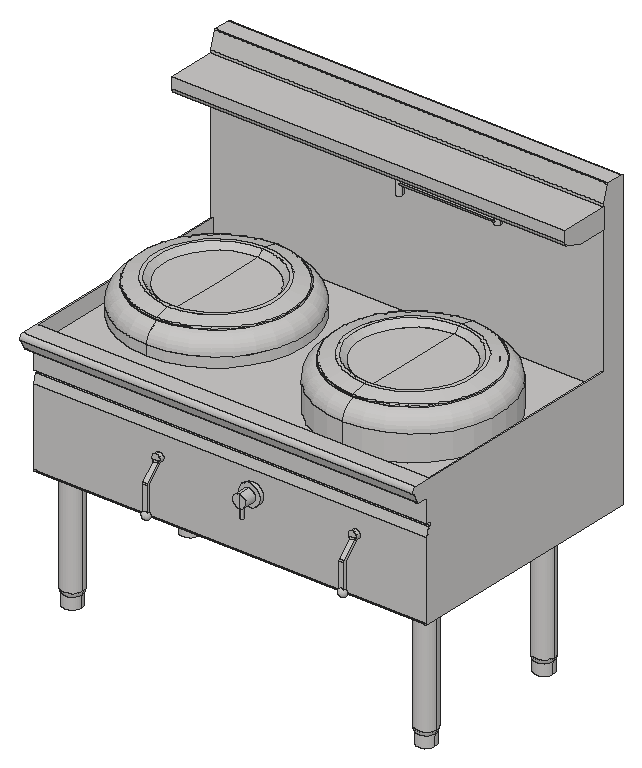
Revit family "QF_COBRA MOFFAT_CW2H", category Specialty Equipment, Revit 2016
Family settings
  Part Type = Normal
  Round Connector Dimension = Use Diameter
  Work Plane-Based = No
  Always vertical = Yes
  Cut with Voids When Loaded = No
  Shared = No
  Room Calculation Point = No
Parameters
  Weight in Kilograms = 135
  Waste Water Discharge Temperature = 0 °F
  URL Cutsheet = ""
  Specification by User = ""
  Specification by Manufacturer = ""
  Serial Number = ""
  Seismic Rating = ""
  SMACNA No = ""
  Revision Code = ""
  Plumbing Remarks = ""
  Plumbing Connection Type = ""
  NAFEM Spec ID Number = ""
  Model = "CW2H"
  Masterspec = ""
  Manufacturer = "COBRA MOFFAT"
  Length = 1200 mm
  Item Number = ""
  Installed By = ""
  Indirect Waste Size = 1 1/4"
  Indirect Waste Flow = 0 GPM
  Indirect Waste Connection Type = ""
  Indirect Waste Connection Height = 0 mm
  Identify Quantity as Lot = yes
  Height = 1280 mm
  Gas Size = 3/4"
  Gas RI Height = 0 mm
  Gas KW = 0
  Gas Input = 161129.0 Btu/h
  Gas Connection Height = 0 mm
  Furnished By = ""
  Foodservice Equipment Identifier = yes
  Description = "2 HOLE GAS WATERLESS WOKS"
  Depth = 800 mm
  Cold Water Temperature Recommended = 0 °F
  Cold Water Size = 1 1/2"
  Cold Water RI Height = 0 mm
  Cold Water Minimum Pressure = 0.00 psi
  Cold Water Maximum Pressure = 0.00 psi
  Cold Water Flow = 0 GPM
  Cold Water Consumption = ""
  Cold Water Connection Height = 0 mm
  CSI MasterFormat = ""
Reference planes
  plane 1 "BACK": y = 0
  plane 2: z = 0
  plane 3 "LEFT": x = 0
  plane 4 "RIGHT": x = 1200
  plane 5 "FRONT": y = -800
  plane 6 "TOP": z = 1280
  plane 7 "Center Y": x = 600
  plane 8 "Center X": y = -400
  plane 9: x = 60
  plane 10: x = 1140
  plane 11: y = -225
  plane 12: y = -675
  plane 13: z = 375
Forms (mm)
  Revolve 1, solid, material "QF_Metal - Stainless - Polished"
    sketch origin (0, -225, 0) x (0, 0, -1) y (1, 0, 0)
      loop
        line (0, 60) -> (-375, 60) -> (-375, 28.123) -> (-46.31, 28.123)
        arc (-46.31, 28.123) -> (-40.43, 29.336) -> (-35, 31.896) r 25.376
        line (-35, 31.896) -> (0, 31.896) -> (0, 60)
      axis (0, 60) -> (-375, 60)
    angle from 0 to 360
  Revolve 2, solid, material "QF_Metal - Stainless - Polished"
    sketch origin (0, -675, 0) x (0, 0, -1) y (1, 0, 0)
      loop
        line (0, 60) -> (-375, 60) -> (-375, 28.123) -> (-46.31, 28.123)
        arc (-46.31, 28.123) -> (-40.43, 29.336) -> (-35, 31.896) r 25.376
        line (-35, 31.896) -> (0, 31.896) -> (0, 60)
      axis (0, 60) -> (-375, 60)
    angle from 0 to 360
  Extrusion 3, solid, material "QF_Metal - Stainless - Polished"
    sketch origin (0, 0, 0) x (0, 1, 0) y (0, 0, 1)
      loop
        line (0, 375) -> (0, 1278.452)
        arc (0, 1278.452) -> (-0.746, 1279.569) -> (-2.017, 1280) r 2.088
        line (-2.017, 1280) -> (-55, 1280)
        arc (-55, 1280) -> (-56.271, 1279.569) -> (-57.017, 1278.452) r 2.088
        line (-57.017, 1278.452) -> (-70, 1230) -> (-70, 770.7) -> (-788.3, 770.7)
        arc (-788.3, 770.7) -> (-798.432, 764.85) -> (-798.432, 753.15) r 11.7
        line (-798.432, 753.15) -> (-780.947, 722.864)
        arc (-780.947, 722.864) -> (-780.095, 722.012) -> (-778.931, 721.7) r 2.328
        line (-778.931, 721.7) -> (-750.056, 721.7)
        arc (-750.056, 721.7) -> (-748.602, 721.098) -> (-748, 719.644) r 2.056
        line (-748, 719.644) -> (-748, 652.6) -> (-731.4, 652.6) -> (-731.4, 639.6) -> (-740.9, 639.6) -> (-748, 613.102) -> (-748, 376.928)
        arc (-748, 376.928) -> (-747.435, 375.565) -> (-746.072, 375) r 1.928
        line (-746.072, 375) -> (0, 375)
    from 0 to 1200
  Extrusion 4, void
    sketch origin (600, -70, 770.7) x (-1, 0, 0) y (0, -1, 0)
      loop
        line (595, 665) -> (-595, 665) -> (-595, 0) -> (595, 0) -> (595, 665)
    from 0 to -49
  Revolve 5, solid, material "QF_Metal - Stainless - Polished"
    sketch origin (300, 175.397, 1219.2) x (0, 1, 0) y (0, 0, 1)
      loop
        line (-867.435, -419.167) -> (-867.435, -497.5) -> (-600.532, -497.5) -> (-600.532, -365.842) -> (-759.24, -365.842) -> (-775.589, -349.492) -> (-785.589, -349.492) -> (-828.806, -360.506)
        arc (-828.806, -360.506) -> (-829.912, -361.23) -> (-830.34, -362.481) r 2.038
        line (-830.34, -362.481) -> (-830.34, -365.842) -> (-808.934, -365.842) -> (-808.934, -369.669) -> (-817.938, -369.669)
        arc (-817.938, -369.669) -> (-852.938, -384.167) -> (-867.435, -419.167) r 49.497
      axis (-600.532, -349.492) -> (-600.532, -497.5)
    angle from 0 to 360
  Extrusion 6, solid, material "QF_Metal - Stainless - Polished"
    sketch origin (0, -748, 390) x (0, 0, -1) y (1, 0, 0)
      loop
        circle (-158.884, 984.021) r 12.661
    from 0 to 12
  Extrusion 7, solid, material "QF_Metal - Stainless - Polished"
    sketch origin (0, 2480.95, 375) x (-1, 0, 0) y (0, 1, 0)
      loop
        circle (-203, -2587.95) r 35.799
      loop
        line (-1153.779, -2986.85) -> (-1132.35, -3022.564) -> (-1110.921, -2986.85) -> (-1132.35, -2951.136) -> (-1153.779, -2986.85)
      loop
        circle (-705.75, -2955.95) r 35.799
      loop
        line (-553.929, -2986.8) -> (-532.5, -3022.514) -> (-511.071, -2986.8) -> (-532.5, -2951.086) -> (-553.929, -2986.8)
    from 0 to 3.2
  Extrusion 8, solid, material "QF_Metal - Stainless - Polished"
    sketch origin (0, 0, 0) x (0, 1, 0) y (0, 0, 1)
      loop
        line (-70, 1158.25) -> (-70, 1221) -> (-220, 1221) -> (-220, 1188.002)
        arc (-220, 1188.002) -> (-218.192, 1182.266) -> (-213.42, 1178.605) r 10
        line (-213.42, 1178.605) -> (-157.5, 1158.25) -> (-70, 1158.25)
    from 0 to 1200
  Revolve 9, solid, material "QF_Metal - Stainless - Polished"
    sketch origin (1200, -225, 0) x (0, 0, -1) y (1, 0, 0)
      loop
        line (0, -60) -> (0, -31.896) -> (-35, -31.896)
        arc (-35, -31.896) -> (-40.43, -29.336) -> (-46.31, -28.123) r 25.376
        line (-46.31, -28.123) -> (-375, -28.123) -> (-375, -60) -> (0, -60)
      axis (0, -60) -> (-375, -60)
    angle from 0 to 360
  Revolve 10, solid, material "QF_Metal - Stainless - Polished"
    sketch origin (1200, -675, 0) x (0, 0, -1) y (1, 0, 0)
      loop
        line (0, -60) -> (0, -31.896) -> (-35, -31.896)
        arc (-35, -31.896) -> (-40.43, -29.336) -> (-46.31, -28.123) r 25.376
        line (-46.31, -28.123) -> (-375, -28.123) -> (-375, -60) -> (0, -60)
      axis (0, -60) -> (-375, -60)
    angle from 0 to 360
  Extrusion 11, solid, material "QF_Metal - Stainless - Polished"
    sketch origin (550, -748, 390) x (0, 0, -1) y (1, 0, 0)
      loop
        circle (-158.889, 118.159) r 32.893
    from 0 to 10
  Revolve 12, solid, material "QF_Metal - Stainless - Polished"
    sketch origin (668.159, -4572, 581.782) x (0, 0, -1) y (0, -1, 0)
      loop
        line (32.782, -3774) -> (13.094, -3774) -> (13.094, -3809) -> (17.469, -3809) -> (17.469, -3814) -> (32.782, -3814) -> (32.782, -3774)
      axis (32.782, -3814) -> (32.782, -3774)
    angle from 0 to 360
  Extrusion 13, solid, material "QF_Metal - Stainless - Polished"
    sketch origin (850, -4572, 375) x (0, -1, 0) y (-1, 0, 0)
      loop
        circle (-3784.012, 181.994) r 5
    from -124 to -159
  Extrusion 14, solid, material "QF_Metal - Stainless - Polished"
    sketch origin (900, 175.397, 1219.2) x (0, 1, 0) y (0, 0, 1)
      loop
        line (-972.093, -722.931) -> (-934.362, -685.2) -> (-930.56, -682.723) -> (-930.56, -674.327) -> (-935.397, -674.327) -> (-936.433, -680.2) -> (-975.921, -719.688)
        arc (-975.921, -719.688) -> (-977.384, -721.877) -> (-977.897, -724.46) r 6.749
        line (-977.897, -724.46) -> (-977.897, -797.392) -> (-972.897, -797.392) -> (-972.897, -724.873)
        arc (-972.897, -724.873) -> (-972.688, -723.822) -> (-972.093, -722.931) r 2.746
    from 76.574 to 91.449
  Revolve 15, solid, material "QF_Metal - Stainless - Polished"
    sketch origin (984.062, 0, 0) x (0, 1, 0) y (0, 0, 1)
      loop
        line (-797.5, 399) -> (-797.5, 424)
        arc (-797.5, 424) -> (-810, 411.5) -> (-797.5, 399) r 12.5
      axis (-797.5, 424) -> (-797.5, 399)
    angle from -90 to 90
  Extrusion 16, solid, material "QF_Metal - Stainless - Polished"
    sketch origin (-600, -748, 390) x (0, 0, -1) y (1, 0, 0)
      loop
        circle (-158.884, 984.021) r 12.661
    from 0 to 12
  Extrusion 17, solid, material "QF_Metal - Stainless - Polished"
    sketch origin (300, 175.397, 1219.2) x (0, 1, 0) y (0, 0, 1)
      loop
        line (-972.093, -722.931) -> (-934.362, -685.2) -> (-930.56, -682.723) -> (-930.56, -674.327) -> (-935.397, -674.327) -> (-936.433, -680.2) -> (-975.921, -719.688)
        arc (-975.921, -719.688) -> (-977.384, -721.877) -> (-977.897, -724.46) r 6.749
        line (-977.897, -724.46) -> (-977.897, -797.392) -> (-972.897, -797.392) -> (-972.897, -724.873)
        arc (-972.897, -724.873) -> (-972.688, -723.822) -> (-972.093, -722.931) r 2.746
    from 76.574 to 91.449
  Revolve 18, solid, material "QF_Metal - Stainless - Polished"
    sketch origin (384.062, 0, 0) x (0, 1, 0) y (0, 0, 1)
      loop
        line (-797.5, 399) -> (-797.5, 424)
        arc (-797.5, 424) -> (-810, 411.5) -> (-797.5, 399) r 12.5
      axis (-797.5, 424) -> (-797.5, 399)
    angle from -90 to 90
  Revolve 19, solid, material "QF_Metal - Stainless - Polished"
    sketch origin (900, 175.397, 1219.2) x (0, 1, 0) y (0, 0, -1)
      loop
        arc (-867.435, 419.167) -> (-852.938, 384.167) -> (-817.938, 369.669) r 49.497
        line (-817.938, 369.669) -> (-808.934, 369.669) -> (-808.934, 365.842) -> (-830.34, 365.842) -> (-830.34, 362.481)
        arc (-830.34, 362.481) -> (-829.912, 361.23) -> (-828.806, 360.506) r 2.038
        line (-828.806, 360.506) -> (-785.589, 349.492) -> (-775.589, 349.492) -> (-759.24, 365.842) -> (-600.532, 365.842) -> (-600.532, 497.5) -> (-867.435, 497.5) -> (-867.435, 419.167)
      axis (-600.532, 349.492) -> (-600.532, 497.5)
    angle from 0 to 360
  Extrusion 20, solid, material "QF_Metal - Stainless - Polished"
    sketch origin (550.072, -157.5, 1158.25) x (1, 0, 0) y (0, -1, 0)
      loop
        circle (349.928, -56.053) r 9.571
    from 18.25 to 72.75
  Extrusion 21, solid, material "QF_Metal - Stainless - Polished"
    sketch origin (550.072, -157.5, 1158.25) x (1, 0, 0) y (0, -1, 0)
      loop
        circle (49.903, -55.75) r 9.571
    from 53.75 to 98.25
  Extrusion 22, solid, material "QF_Metal - Stainless - Polished"
    sketch origin (550.072, 0, 0) x (0, 1, 0) y (0, 0, 1)
      loop
        circle (-101.55, 1131.5) r 8
    from 80 to 347.733
  Extrusion 23, solid, material "QF_Metal - Stainless - Polished"
    sketch origin (550.072, 0, 0) x (0, 1, 0) y (0, 0, 1)
      loop
        circle (-101.55, 1094.94) r 8
    from 52.613 to 347.733
  Sweep 24, solid, material "QF_Metal - Stainless - Polished"
    path origin (550.072, 0, 5) x (1, 0, 0) y (0, 0, 1)
      loop
        arc (80, 1131.5) -> (60.945, 1126.63) -> (48.38, 1111.5) r 31.863
    profile origin (611.017, 0, 1131.63) x (0.534556, 0, -0.845133) y (0, -1, 0)
      loop
        spline (6.07, 109.55) -> (4.32, 109.277) -> (2.689, 108.478) -> (1.289, 107.207) -> (0.215, 105.55) -> (-0.461, 103.621) -> (-0.691, 101.55) -> (-0.461, 99.479) -> (0.215, 97.55) -> (1.289, 95.893) -> (2.689, 94.622) -> (4.32, 93.823) -> (6.07, 93.55)
        spline (6.07, 93.55) -> (7.82, 93.823) -> (9.45, 94.622) -> (10.851, 95.893) -> (11.925, 97.55) -> (12.6, 99.479) -> (12.831, 101.55) -> (12.6, 103.621) -> (11.925, 105.55) -> (10.851, 107.207) -> (9.45, 108.478) -> (7.82, 109.277) -> (6.07, 109.55)
Cuts and joins
  Extrusion 4 cuts Extrusion 3
  Extrusion 4 cuts Revolve 5
Lines and regions (mm)
  symbolic lines
    curve 1: line (0, 0, 0) -> (1200, 0, 0)
    curve 2: line (0, -800, 0) -> (0, 0, 0)
    curve 3: line (1200, -800, 0) -> (0, -800, 0)
    curve 4: line (0, -70, 0) -> (1200, -70, 0)
    curve 5: line (0, -220, 0) -> (1200, -220, 0)
    curve 6: line (5, -735, 0) -> (1200, -735, 0)
    curve 7: line (5, -220, 0) -> (5, -735, 0)
    curve 8: arc (300, -266.428, 0) -> (141.293, -425.135, 0) -> (300, -583.842, 0) r 158.707
    curve 9: arc (300, -583.842, 0) -> (458.707, -425.135, 0) -> (300, -266.428, 0) r 158.707
    curve 10: arc (300, -610.191, 0) -> (485.056, -425.135, 0) -> (300, -240.078, 0) r 185.056
    curve 11: arc (300, -240.078, 0) -> (114.944, -425.135, 0) -> (300, -610.191, 0) r 185.056
    curve 12: arc (300, -654.943, 0) -> (76.445, -478.38, 0) -> (196.408, -220, 0) r 229.808
    curve 13: arc (403.592, -220, 0) -> (523.555, -478.38, 0) -> (300, -654.943, 0) r 229.808
    curve 14: arc (470.753, -220, 0) -> (550.986, -515.926, 0) -> (300, -692.038, 0) r 266.903
    curve 15: arc (300, -692.038, 0) -> (49.014, -515.926, 0) -> (129.247, -220, 0) r 266.903
    curve 16: line (1200, -800, 0) -> (1200, 0, 0)
    curve 17: line (1195, -220, 0) -> (1195, -735, 0)
    curve 18: arc (900, -266.428, 0) -> (1058.707, -425.135, 0) -> (900, -583.842, 0) r 158.707
    curve 19: arc (900, -583.842, 0) -> (741.293, -425.135, 0) -> (900, -266.428, 0) r 158.707
    curve 20: arc (900, -610.191, 0) -> (714.944, -425.135, 0) -> (900, -240.078, 0) r 185.056
    curve 21: arc (900, -240.078, 0) -> (1085.056, -425.135, 0) -> (900, -610.191, 0) r 185.056
    curve 22: arc (900, -654.943, 0) -> (1123.555, -478.38, 0) -> (1003.592, -220, 0) r 229.808
    curve 23: arc (796.408, -220, 0) -> (676.445, -478.38, 0) -> (900, -654.943, 0) r 229.808
    curve 24: arc (729.247, -220, 0) -> (649.014, -515.926, 0) -> (900, -692.038, 0) r 266.903
    curve 25: arc (900, -692.038, 0) -> (1150.986, -515.926, 0) -> (1070.753, -220, 0) r 266.903
Dimensions and locks
  equal spacing: plane 3 "LEFT", plane 7 "Center Y", plane 4 "RIGHT"
  "Length": plane 3 "LEFT" to plane 4 "RIGHT"
  equal spacing: plane 5 "FRONT", plane 8 "Center X", plane 1 "BACK"
  "Depth": plane 5 "FRONT" to plane 1 "BACK"
  "Height": plane 6 "TOP" to level
  plane 4 "RIGHT" to plane 3 "LEFT" = 1200 mm
  plane 6 "TOP" to plane 2 = 1280 mm
  locked: plane 10 to plane 4 "RIGHT" at 60
  aligned and locked: level to plane 2
Automatic sketch dimensions
  Revolve 1 sketch curve to plane 9 = 0 mm  (x2)
  Revolve 1 sketch curve to plane 13 = 0 mm
  Revolve 1 sketch curve to level = 0 mm
  Revolve 1 sketch curve to plane 9 = 6.593 mm
  level to Revolve 1 sketch curve = 48.461 mm
  Revolve 1 sketch curve to Revolve 1 sketch curve = 2.152 mm
  Revolve 1 sketch curve to Revolve 1 sketch curve = 11.31 mm
  Revolve 1 sketch curve to Revolve 1 sketch curve = 21.511 mm
  Revolve 1 sketch curve to plane 13 = 55 mm
  Revolve 1 sketch curve to Revolve 1 sketch curve = 25 mm
  Revolve 2 sketch curve to plane 9 = 0 mm  (x2)
  Revolve 2 sketch curve to plane 13 = 0 mm
  Revolve 2 sketch curve to level = 0 mm
  Revolve 2 sketch curve to plane 9 = 6.593 mm
  level to Revolve 2 sketch curve = 48.461 mm
  Revolve 2 sketch curve to Revolve 2 sketch curve = 2.152 mm
  Revolve 2 sketch curve to Revolve 2 sketch curve = 11.31 mm
  Revolve 2 sketch curve to Revolve 2 sketch curve = 21.511 mm
  Revolve 2 sketch curve to Revolve 2 sketch curve = 55 mm
  Revolve 2 sketch curve to Revolve 2 sketch curve = 25 mm
  plane 13 to Extrusion 3 sketch curve = 0 mm
  Extrusion 3 sketch curve to plane 6 "TOP" = 0 mm
  Extrusion 3 sketch curve to plane 1 "BACK" = 0 mm
  plane 1 "BACK" to Extrusion 3 sketch curve = 2.017 mm
  Extrusion 3 sketch curve to Extrusion 3 sketch curve = 52.983 mm
  Extrusion 3 sketch curve to plane 6 "TOP" = 1.548 mm
  Extrusion 3 sketch curve to Extrusion 3 sketch curve = 2.017 mm
  plane 1 "BACK" to Extrusion 3 sketch curve = 70 mm
  Extrusion 3 sketch curve to plane 12 = 56.4 mm
  Extrusion 3 sketch curve to Extrusion 3 sketch curve = 9.5 mm
  Extrusion 3 sketch curve to plane 13 = 1.928 mm
  Extrusion 3 sketch curve to plane 5 "FRONT" = 53.928 mm
  Extrusion 3 sketch curve to Extrusion 3 sketch curve = 7.1 mm
  Extrusion 3 sketch curve to Extrusion 3 sketch curve = 2.056 mm
  Extrusion 3 sketch curve to plane 5 "FRONT" = 21.069 mm
  Extrusion 3 sketch curve to Extrusion 3 sketch curve = 2.016 mm
  Extrusion 3 sketch curve to plane 5 "FRONT" = 11.7 mm
  Extrusion 3 sketch curve to plane 5 "FRONT" = 1.568 mm
  Extrusion 3 sketch curve to Extrusion 3 sketch curve = 236.175 mm
  Extrusion 3 sketch curve to Extrusion 3 sketch curve = 26.498 mm
  Extrusion 3 sketch curve to Extrusion 3 sketch curve = 13 mm
  Extrusion 3 sketch curve to Extrusion 3 sketch curve = 67.044 mm
  Extrusion 3 sketch curve to Extrusion 3 sketch curve = 1.164 mm
  Extrusion 3 sketch curve to Extrusion 3 sketch curve = 30.286 mm
  Extrusion 3 sketch curve to Extrusion 3 sketch curve = 5.85 mm
  Extrusion 3 sketch curve to plane 6 "TOP" = 50 mm
  Extrusion 3 sketch curve to plane 6 "TOP" = 2.088 mm
  Revolve 5 sketch curve to plane 12 = 17.038 mm
  plane 12 to Revolve 5 sketch curve = 20.057 mm
  Revolve 5 sketch curve to Revolve 5 sketch curve = 1.534 mm
  Revolve 5 sketch curve to Revolve 5 sketch curve = 0.503 mm
  plane 12 to Revolve 5 sketch curve = 32.46 mm
  Revolve 5 sketch curve to Revolve 5 sketch curve = 9.004 mm
  Revolve 5 sketch curve to Revolve 5 sketch curve = 23.345 mm
  Revolve 5 sketch curve to Revolve 5 sketch curve = 10 mm
  Revolve 5 sketch curve to Revolve 5 sketch curve = 16.349 mm  (x2)
  Revolve 5 sketch curve to plane 8 "Center X" = 25.135 mm  (x2)
  Revolve 5 sketch curve to plane 13 = 346.7 mm
  Revolve 5 sketch curve to Revolve 5 sketch curve = 78.333 mm
  Revolve 5 sketch curve to Revolve 5 sketch curve = 3.828 mm  (x2)
  Revolve 5 sketch curve to Revolve 5 sketch curve = 3.361 mm
  Revolve 5 sketch curve to Revolve 5 sketch curve = 53.342 mm
  Revolve 5 sketch curve to Revolve 5 sketch curve = 45 mm
  Extrusion 3 to Extrusion 6 sketch curve = 64.218 mm
  Extrusion 3 to Extrusion 6 sketch curve = 215.979 mm
  Extrusion 7 sketch curve to Extrusion 3 = 46.221 mm
  Extrusion 7 sketch curve to Extrusion 7 sketch curve = 21.429 mm  (x6)
  Extrusion 7 sketch curve to Extrusion 3 = 203 mm
  Extrusion 7 sketch curve to Extrusion 3 = 705.75 mm
  Extrusion 3 to Extrusion 7 sketch curve = 107 mm
  Extrusion 3 to Extrusion 7 sketch curve = 275.887 mm
  Extrusion 7 sketch curve to Extrusion 7 sketch curve = 35.714 mm  (x4)
  Extrusion 3 to Extrusion 7 sketch curve = 271.072 mm
  Extrusion 8 sketch curve to plane 11 = 5 mm
  Extrusion 8 sketch curve to Extrusion 8 sketch curve = 6.58 mm
  Extrusion 8 sketch curve to Extrusion 8 sketch curve = 3.42 mm
  Extrusion 8 sketch curve to Extrusion 8 sketch curve = 55.92 mm
  plane 1 "BACK" to Extrusion 8 sketch curve = 70 mm
  Extrusion 8 sketch curve to plane 6 "TOP" = 121.75 mm
  Extrusion 8 sketch curve to Extrusion 8 sketch curve = 20.355 mm
  Extrusion 8 sketch curve to Extrusion 8 sketch curve = 32.998 mm
  Revolve 9 sketch curve to plane 10 = 0 mm
  Revolve 9 sketch curve to plane 13 = 0 mm
  Revolve 9 sketch curve to level = 0 mm
  plane 10 to Revolve 9 sketch curve = 0 mm
  Revolve 9 sketch curve to plane 10 = 6.593 mm
  level to Revolve 9 sketch curve = 48.461 mm
  Revolve 9 sketch curve to Revolve 9 sketch curve = 2.152 mm
  Revolve 9 sketch curve to Revolve 9 sketch curve = 11.31 mm
  Revolve 9 sketch curve to Revolve 9 sketch curve = 28.104 mm
  Revolve 9 sketch curve to Revolve 9 sketch curve = 55 mm
  Revolve 9 sketch curve to Revolve 9 sketch curve = 25 mm
  Revolve 10 sketch curve to plane 10 = 0 mm
  Revolve 10 sketch curve to plane 13 = 0 mm
  Revolve 10 sketch curve to level = 0 mm
  plane 10 to Revolve 10 sketch curve = 0 mm
  Revolve 10 sketch curve to plane 10 = 6.593 mm
  level to Revolve 10 sketch curve = 48.461 mm
  Revolve 10 sketch curve to Revolve 10 sketch curve = 2.152 mm
  Revolve 10 sketch curve to Revolve 10 sketch curve = 11.31 mm
  Revolve 10 sketch curve to Revolve 10 sketch curve = 28.104 mm
  Revolve 10 sketch curve to Revolve 10 sketch curve = 55 mm
  Revolve 10 sketch curve to Revolve 10 sketch curve = 25 mm
  plane 7 "Center Y" to Extrusion 11 sketch curve = 68.159 mm
  Extrusion 11 sketch curve to plane 13 = 173.889 mm
  Revolve 12 sketch curve to plane 5 "FRONT" = 37 mm
  Revolve 12 sketch curve to plane 13 = 193.687 mm
  Revolve 12 sketch curve to Revolve 12 sketch curve = 4.375 mm
  Revolve 12 sketch curve to Revolve 12 sketch curve = 15.312 mm
  Revolve 12 sketch curve to Revolve 12 sketch curve = 5 mm
  Revolve 12 sketch curve to plane 5 "FRONT" = 2 mm
  Revolve 12 sketch curve to Revolve 12 sketch curve = 0 mm
  plane 5 "FRONT" to Revolve 12 sketch curve = 4.344 mm
  Revolve 12 sketch curve to Revolve 12 sketch curve = 3.34 mm
  Extrusion 13 sketch curve to plane 5 "FRONT" = 12.012 mm
  plane 7 "Center Y" to Extrusion 13 sketch curve = 68.006 mm
  plane 5 "FRONT" to Extrusion 14 sketch curve = 2.5 mm
  plane 5 "FRONT" to Extrusion 14 sketch curve = 0.523 mm
  Extrusion 14 sketch curve to plane 5 "FRONT" = 2.5 mm
  Extrusion 14 sketch curve to Extrusion 14 sketch curve = 0.804 mm
  Extrusion 14 sketch curve to Extrusion 14 sketch curve = 1.749 mm
  Extrusion 14 sketch curve to Extrusion 14 sketch curve = 0.997 mm
  Extrusion 14 sketch curve to plane 5 "FRONT" = 38.964 mm
  Extrusion 14 sketch curve to Extrusion 14 sketch curve = 1.036 mm
  Extrusion 14 sketch curve to Extrusion 14 sketch curve = 2.071 mm
  Extrusion 14 sketch curve to Extrusion 14 sketch curve = 3.802 mm
  Extrusion 14 sketch curve to plane 13 = 46.808 mm
  Extrusion 14 sketch curve to Extrusion 14 sketch curve = 72.519 mm
  Extrusion 14 sketch curve to Extrusion 14 sketch curve = 0.413 mm
  Extrusion 14 sketch curve to Extrusion 14 sketch curve = 37.731 mm
  Extrusion 14 sketch curve to Extrusion 14 sketch curve = 2.477 mm
  Extrusion 14 sketch curve to Extrusion 14 sketch curve = 5 mm
  Extrusion 14 sketch curve to Extrusion 14 sketch curve = 5.873 mm
  Revolve 15 sketch curve to plane 5 "FRONT" = 2.5 mm  (x2)
  Revolve 15 sketch curve to plane 13 = 24 mm
  Revolve 15 sketch curve to Revolve 15 sketch curve = 12.5 mm
  Revolve 15 sketch curve to Revolve 15 sketch curve = 5.833 mm
  Revolve 15 sketch curve to Revolve 15 sketch curve = 5 mm
  Extrusion 3 to Extrusion 16 sketch curve = 64.218 mm
  Extrusion 3 to Extrusion 16 sketch curve = 384.021 mm
  plane 5 "FRONT" to Extrusion 17 sketch curve = 2.5 mm
  plane 5 "FRONT" to Extrusion 17 sketch curve = 0.523 mm
  Extrusion 17 sketch curve to plane 5 "FRONT" = 2.5 mm
  Extrusion 17 sketch curve to Extrusion 17 sketch curve = 0.804 mm
  Extrusion 17 sketch curve to Extrusion 17 sketch curve = 1.749 mm
  Extrusion 17 sketch curve to Extrusion 17 sketch curve = 0.997 mm
  Extrusion 17 sketch curve to plane 5 "FRONT" = 38.964 mm
  Extrusion 17 sketch curve to Extrusion 17 sketch curve = 1.036 mm
  Extrusion 17 sketch curve to Extrusion 17 sketch curve = 2.071 mm
  Extrusion 17 sketch curve to Extrusion 17 sketch curve = 3.802 mm
  Extrusion 17 sketch curve to plane 13 = 46.808 mm
  Extrusion 17 sketch curve to Extrusion 17 sketch curve = 72.519 mm
  Extrusion 17 sketch curve to Extrusion 17 sketch curve = 0.413 mm
  Extrusion 17 sketch curve to Extrusion 17 sketch curve = 37.731 mm
  Extrusion 17 sketch curve to Extrusion 17 sketch curve = 2.477 mm
  Extrusion 17 sketch curve to Extrusion 17 sketch curve = 5 mm
  Extrusion 17 sketch curve to Extrusion 17 sketch curve = 5.873 mm
  Revolve 18 sketch curve to plane 5 "FRONT" = 2.5 mm  (x2)
  Revolve 18 sketch curve to plane 13 = 24 mm
  Revolve 18 sketch curve to Revolve 18 sketch curve = 12.5 mm
  Revolve 18 sketch curve to Revolve 18 sketch curve = 5.833 mm
  Revolve 18 sketch curve to Revolve 18 sketch curve = 5 mm
  Revolve 19 sketch curve to plane 12 = 17.038 mm
  plane 12 to Revolve 19 sketch curve = 20.057 mm
  Revolve 19 sketch curve to Revolve 19 sketch curve = 1.534 mm
  Revolve 19 sketch curve to Revolve 19 sketch curve = 0.503 mm
  plane 12 to Revolve 19 sketch curve = 32.46 mm
  Revolve 19 sketch curve to Revolve 19 sketch curve = 9.004 mm
  Revolve 19 sketch curve to Revolve 19 sketch curve = 23.345 mm
  Revolve 19 sketch curve to Revolve 19 sketch curve = 10 mm
  Revolve 19 sketch curve to Revolve 19 sketch curve = 16.349 mm  (x2)
  Revolve 19 sketch curve to plane 8 "Center X" = 25.135 mm  (x2)
  Revolve 19 sketch curve to plane 6 "TOP" = 410.292 mm
  Revolve 19 sketch curve to Revolve 19 sketch curve = 11.014 mm
  Revolve 19 sketch curve to Revolve 19 sketch curve = 3.361 mm
  Revolve 19 sketch curve to Revolve 19 sketch curve = 3.828 mm
  Revolve 19 sketch curve to Revolve 19 sketch curve = 131.658 mm
  Revolve 19 sketch curve to Revolve 19 sketch curve = 53.342 mm
  Revolve 19 sketch curve to Revolve 19 sketch curve = 45 mm
  plane 1 "BACK" to Extrusion 20 sketch curve = 101.447 mm
  plane 10 to Extrusion 20 sketch curve = 240 mm
  Extrusion 21 sketch curve to plane 7 "Center Y" = 0.025 mm
  plane 1 "BACK" to Extrusion 21 sketch curve = 101.75 mm
  plane 1 "BACK" to Extrusion 22 sketch curve = 101.55 mm
  Extrusion 22 sketch curve to plane 6 "TOP" = 148.5 mm
  plane 1 "BACK" to Extrusion 23 sketch curve = 101.55 mm
  Extrusion 23 sketch curve to plane 6 "TOP" = 185.06 mm
  plane 7 "Center Y" to Sweep 24 sketch curve = 28.049 mm
  Sweep 24 sketch curve to plane 6 "TOP" = 175.299 mm
  Sweep 24 sketch curve to plane 7 "Center Y" = 1.548 mm
  plane 7 "Center Y" to Sweep 24 sketch curve = 30.072 mm
  Sweep 24 sketch curve to Sweep 24 sketch curve = 11.799 mm
  Sweep 24 sketch curve to profile plane = 6.07 mm
  profile plane to Sweep 24 sketch curve = 93.55 mm
  Sweep 24 sketch curve to Sweep 24 sketch curve = 8 mm
  plane 3 "LEFT" to Extrusion 4 sketch curve = 5 mm
  Extrusion 4 sketch curve to plane 12 = 60 mm
  plane 4 "RIGHT" to Extrusion 4 sketch curve = 5 mm
  plane 1 "BACK" to Extrusion 4 sketch curve = 70 mm
  Extrusion 3 to Extrusion 7 sketch curve = 240.222 mm  (x2)
  Extrusion 7 sketch curve to Extrusion 7 sketch curve = 151.821 mm
  Extrusion 3 to Extrusion 7 sketch curve = 204.508 mm
  curve 8 to curve 10 = 0 mm  (x2)
  curve 8 to curve 12 = 0 mm
  curve 8 to curve 14 = 0 mm
  curve 11 to curve 15 = 0 mm
  curve 12 to curve 13 = 0 mm
  curve 12 to curve 14 = 0 mm
  curve 12 to curve 15 = 0 mm
  curve 18 to curve 20 = 0 mm  (x2)
  curve 19 to curve 23 = 0 mm
  curve 21 to curve 25 = 0 mm
  curve 22 to curve 25 = 0 mm
  curve 23 to curve 25 = 0 mm  (x2)
  curve 24 to curve 25 = 0 mm
  plane 1 "BACK" to curve 1 = 0 mm
  curve 1 to plane 3 "LEFT" = 0 mm
  plane 5 "FRONT" to curve 3 = 0 mm
  plane 3 "LEFT" to curve 7 = 5 mm
  curve 15 to plane 8 "Center X" = 25.135 mm
  plane 9 to curve 15 = 240 mm
  curve 25 to plane 8 "Center X" = 25.135 mm
  plane 10 to curve 25 = 240 mm
  curve 6 to plane 12 = 60 mm
  curve 15 to plane 11 = 5 mm
  plane 9 to curve 15 = 69.247 mm
  curve 15 to curve 12 = 67.161 mm
  plane 7 "Center Y" to curve 24 = 129.247 mm
  curve 24 to curve 23 = 67.161 mm
  plane 4 "RIGHT" to curve 17 = 5 mm
  curve 12 to curve 11 = 44.752 mm
  curve 22 to curve 21 = 44.752 mm
  curve 10 to curve 8 = 26.349 mm
  curve 20 to curve 19 = 26.349 mm
  plane 1 "BACK" to curve 4 = 70 mm
  curve 1 to plane 4 "RIGHT" = 0 mm
  radius of Extrusion 6 sketch curve = 12.661 mm
  radius of Extrusion 7 sketch curve = 35.799 mm  (x2)
  radius of Extrusion 11 sketch curve = 32.893 mm
  radius of Extrusion 13 sketch curve = 5 mm
  radius of Extrusion 16 sketch curve = 12.661 mm
  radius of Extrusion 20 sketch curve = 9.571 mm
  radius of Extrusion 21 sketch curve = 9.571 mm
  radius of Extrusion 22 sketch curve = 8 mm
  radius of Extrusion 23 sketch curve = 8 mm
Connectors
  piping at (203, -107, 371.8), diameter 31.75, driven by "Indirect Waste Size"
    settings: on Extrusion 7, index 4, connector inside diameter 24", connector length 0 mm, flow factor 0, pipe flow 0 GPM, pressure drop 0.00 psi, fitting loss kfactor 0, connector angle 0.00°, fixture units 0, engagement length 0 mm, angle of deflection 0.00°, flow configuration 1, flow direction 2, fitting loss method 0, system type 16, joint type 0, gender type 0, connector reference index -1, connector utility 0, adjustable connector no, is connector primary yes, connector description "DRAIN"
  piping at (705.75, -475, 371.8), diameter 38.1, driven by "Cold Water Size"
    settings: on Extrusion 7, index 5, connector inside diameter 24", connector length 0 mm, flow factor 0, pipe flow 0 GPM, pressure drop 0.00 psi, fitting loss kfactor 0, connector angle 0.00°, fixture units 0, engagement length 0 mm, angle of deflection 0.00°, flow configuration 1, flow direction 1, fitting loss method 0, system type 20, joint type 0, gender type 0, connector reference index -1, connector utility 0, adjustable connector no, is connector primary no, connector description "WATER INLET"
  piping at (1132.35, -505.9, 371.8), diameter 19.05, driven by "Gas Size"
    settings: on Extrusion 7, index 6, connector inside diameter 24", connector length 0 mm, flow factor 0, pipe flow 0 GPM, pressure drop 0.00 psi, fitting loss kfactor 0, connector angle 0.00°, fixture units 0, engagement length 0 mm, angle of deflection 0.00°, flow configuration 1, flow direction 1, fitting loss method 0, system type 7, joint type 0, gender type 0, connector reference index -1, connector utility 0, adjustable connector no, is connector primary no, connector description "GAS INLET"
  piping at (532.5, -505.85, 371.8), diameter 19.05, driven by "Gas Size"
    settings: on Extrusion 7, index 7, connector inside diameter 24", connector length 0 mm, flow factor 0, pipe flow 0 GPM, pressure drop 0.00 psi, fitting loss kfactor 0, connector angle 0.00°, fixture units 0, engagement length 0 mm, angle of deflection 0.00°, flow configuration 0, flow direction 0, fitting loss method 0, system type 7, joint type 0, gender type 0, connector reference index -1, connector utility 0, adjustable connector no, is connector primary no, connector description "GAS INLET"
